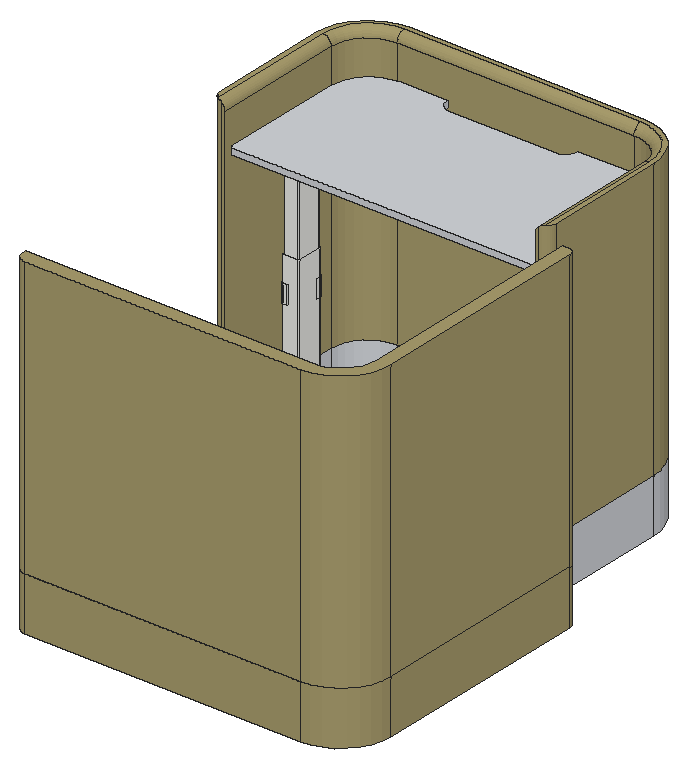
Revit family "NaughtOne_PullmanDeskNOPUL", category Furniture, Revit 2023
Family settings
  OmniClass Number = 23.40.20.00
  OmniClass Title = General Furniture and Specialties
  Work Plane-Based = No
  Enable Cutting in Views = No
  Always vertical = Yes
  Cut with Voids When Loaded = No
  Render Appearance Source = Family Geometry
  Shared = Yes
  Room Calculation Point = No
Parameters (values of type "Desk 30d 59w 29d 57w surf size electric std range single fabric")
  Width = 47.000"
  Watermarked By = "http://revitwatermark.com"
  URL = "www.naughtone.com"
  Type IFC Predefined Type = "BOOTH"
  Type = 2
  TableMaterial [instance] = NAU_Naughtone_MFMDF_White
  Table Top 2 = yes
  Table Top 1 = no
  Switch R = no
  Switch L = no
  SeatMaterial [instance] = NAU_Maharam_Fabric_Teatro_007Yellow
  Product Documentation Link = "http://www.naughtone.com/portfolio-view/Pullman"
  Pod R2 = no
  Pod R1 = yes
  Pod L2 = no
  Pod L1 = no
  Package Qty = 1
  Model = "NOPHTD00LE1"
  ManufacturerName = "Naughtone"  # constant formula
  ManufacturerAddress = "Knaresborough Tech Park, Manse Lane, Knaresborough, HG5 8LF"  # constant formula
  Manufacturer = ""
  List Price [instance] = "0.00"
  LegMaterial [instance] = NAU_Naughtone_Metal_Steel_White
  Keynote = "Pr_40_50_12"
  HasWhiteboard [instance] = no
  FM Label = ""
  Export Type to IFC As = "IfcFurnishingElementType"
  Description = "Pullman Ht Adj Desk desk 30d 59w 29d 57w surf size electric std range single fabric"
  Depth = 25.500"
  Default Elevation = 0.000"
  Copyright © = "Copyright © Herman Miller, Inc."  # constant formula
  ContactTelephoneNumber = "+44 (0)1423 816500"
  ContactEmailAddress = "sales@naughtone.com"
  Catalog Code [instance] = "NG1"
  Catalog = "naughtone"  # constant formula
  BoothMaterial [instance] = NAU_Maharam_Fabric_Teatro_007Yellow
  Base Price [instance] = "22190"
  Author = "BIMBox"  # constant formula
  Assembly Code = "E2020200"
  Actual Width = Width + 4.237"  # 51.237"
  Actual Depth = Depth + 1.899"  # 27.399"
Reference planes (in)
  plane 1 "Back": y = 0
  plane 2: z = 0
  plane 3 "Center (Left/Right)": x = 0
  plane 4: y = -13.6995
  plane 5: y = 13.6995
  plane 6: z = 44.92031
  plane 7: z = 8.49459
  plane 8: z = 43.93605
  plane 9: z = 51.04004
  plane 10 "Center L/S": x = 25.6185
  plane 11 "Center L/U": x = -25.6185
  plane 12: x = -21.84611
  plane 13: x = 21.84611
  plane 14: z = 25.93332
  plane 15: z = 19.93332
  plane 16 "Center L/V": x = -16
  plane 17 "Center L/W": x = 16
  plane 18 "Center L/X": y = 12.75
  plane 19 "Center L/Y": y = -12.75
  plane 20: y = -59.17055
  plane 21: x = -19.51306
  plane 22: x = 19.51306
  plane 23: x = -18.09375
  plane 24: y = -10.4462
  plane 25: x = 18.09375
Forms (in)
  Extrusion 1, solid
    sketch origin (0, 0, 0) x (1, 0, 0) y (0, 1, 0)
      loop
        arc (-17.81849, 13.6995) -> (-23.33393, 11.41493) -> (-25.61849, 5.8995) r 7.8
        line (-25.61849, 5.8995) -> (-25.61849, -12.52208)
        arc (-25.61849, -12.52208) -> (-25.17916, -13.58272) -> (-24.11852, -14.02205) r 1.49998
        line (-24.11852, -14.02205) -> (-23.61849, -14.02205) -> (-23.61849, 6.0995)
        arc (-23.61849, 6.0995) -> (-21.97829, 10.0593) -> (-18.01849, 11.6995) r 5.6
        line (-18.01849, 11.6995) -> (18.0185, 11.6995)
        arc (18.0185, 11.6995) -> (21.9783, 10.0593) -> (23.6185, 6.0995) r 5.6
        line (23.6185, 6.0995) -> (23.6185, -14.02206) -> (24.11852, -14.02206)
        arc (24.11852, -14.02206) -> (25.17917, -13.58272) -> (25.6185, -12.52208) r 1.49998
        line (25.6185, -12.52208) -> (25.6185, 5.8995)
        arc (25.6185, 5.8995) -> (23.33393, 11.41493) -> (17.8185, 13.6995) r 7.8
        line (17.8185, 13.6995) -> (-17.81849, 13.6995)
    from 0.35316 to 8.49459
  Extrusion 2, solid, material "NAU_Maharam_Fabric_Teatro_007Yellow" <- "BoothMaterial"
    sketch origin (0, 0, 12) x (1, 0, 0) y (0, 1, 0)
      loop
        arc (-17.8185, 13.6995) -> (-23.33393, 11.41493) -> (-25.6185, 5.8995) r 7.8
        line (-25.6185, 5.8995) -> (-25.6185, -12.52205)
        arc (-25.6185, -12.52205) -> (-25.17916, -13.58271) -> (-24.1185, -14.02205) r 1.5
        line (-24.1185, -14.02205) -> (-23.6185, -14.02205) -> (-23.6185, 6.0995)
        arc (-23.6185, 6.0995) -> (-21.9783, 10.0593) -> (-18.0185, 11.6995) r 5.6
        line (-18.0185, 11.6995) -> (18.0185, 11.6995)
        arc (18.0185, 11.6995) -> (21.9783, 10.0593) -> (23.6185, 6.0995) r 5.6
        line (23.6185, 6.0995) -> (23.6185, -14.02205) -> (24.1185, -14.02205)
        arc (24.1185, -14.02205) -> (25.17916, -13.58271) -> (25.6185, -12.52205) r 1.5
        line (25.6185, -12.52205) -> (25.6185, 5.8995)
        arc (25.6185, 5.8995) -> (23.33393, 11.41493) -> (17.8185, 13.6995) r 7.8
        line (17.8185, 13.6995) -> (-17.8185, 13.6995)
    from -3.50541 to 39.04004
  Sweep 3, void
    path in 3D
      loop
        line (-23.6185, -14.02205, 51.04004) -> (-23.6185, 6.0995, 51.04004)
        arc (-23.6185, 6.0995, 51.04004) -> (-21.9783, 10.0593, 51.04004) -> (-18.0185, 11.6995, 51.04004) r 5.6
        line (-18.0185, 11.6995, 51.04004) -> (18.0185, 11.6995, 51.04004)
        arc (18.0185, 11.6995, 51.04004) -> (21.9783, 10.0593, 51.04004) -> (23.6185, 6.0995, 51.04004) r 5.6
        line (23.6185, 6.0995, 51.04004) -> (23.6185, -14.02205, 51.04004)
    profile origin (-23.6185, -3.96128, 51.04004) x (-1, 0, 0) y (0, 0, 1)
      loop
        line (1.25, 0) -> (0, 0) -> (0, -1.34899)
        arc (0, -1.34899) -> (0.3706, -0.43877) -> (1.25, 0) r 1.39242
Cuts and joins
  Sweep 3 cuts Extrusion 2
Lines and regions (in)
  sketch lines
    curve 1: line (-23.6185, -14.02205, 51.04004) -> (-23.6185, 6.0995, 51.04004)
    curve 2: arc (-18.0185, 11.6995, 51.04004) -> (-21.9783, 10.0593, 51.04004) -> (-23.6185, 6.0995, 51.04004) r 5.6
    curve 3: line (-18.0185, 11.6995, 51.04004) -> (18.0185, 11.6995, 51.04004)
    curve 4: arc (23.6185, 6.0995, 51.04004) -> (21.9783, 10.0593, 51.04004) -> (18.0185, 11.6995, 51.04004) r 5.6
    curve 5: line (23.6185, 6.0995, 51.04004) -> (23.6185, -14.02205, 51.04004)
Dimensions and locks (in)
  equal spacing: plane 5, plane 1 "Back", plane 4
  equal spacing: plane 11 "Center L/U", plane 3 "Center (Left/Right)", plane 10 "Center L/S"
  "Actual Width": plane 11 "Center L/U" to plane 10 "Center L/S"
  "Actual Depth": plane 5 to plane 4
  equal spacing: plane 19 "Center L/Y", plane 1 "Back", plane 18 "Center L/X"
  "Depth": plane 19 "Center L/Y" to plane 18 "Center L/X"
  plane 16 "Center L/V" to plane 17 "Center L/W" = 32.000"
  equal spacing: plane 16 "Center L/V", plane 3 "Center (Left/Right)", plane 17 "Center L/W"
  locked: Extrusion 1 sketch curve to Extrusion 1 sketch curve at 2  (x3)
  locked: Extrusion 1 sketch curve to plane 4 at 0.32255
  locked: Extrusion 1 sketch curve to plane 4 at 0.32256
  locked: Extrusion 2 sketch curve to Extrusion 2 sketch curve at 2  (x3)
  plane 4 to nested 1 = 11.96442"
  locked: plane 13 to plane 10 "Center L/S" at 3.77239
  locked: plane 11 "Center L/U" to plane 12 at 3.77239
  locked: plane 2 to Extrusion 1 at 0.35316
  nested 9 to plane 4 = 0.14104"
  locked: plane 11 "Center L/U" to plane 23 at 7.52475
  locked: plane 24 to plane 4 at 3.25325
  locked: plane 25 to plane 10 "Center L/S" at 7.52475
  locked: plane 4 to cut or joined group of Extrusion 2, Sweep 3 at 0.32256
  locked: plane 4 to cut or joined group of Extrusion 2, Sweep 3 at 0.32255
  radius of Extrusion 1 sketch curve = 5.600"  (x2)
  radius of Extrusion 2 sketch curve = 5.600"  (x2)
  aligned and locked: level to plane 2
  aligned and locked: plane 13 to nested 1
  aligned and locked: Extrusion 1 sketch curve to plane 5
  aligned and locked: Extrusion 1 sketch curve to plane 10 "Center L/S"
  aligned and locked: Extrusion 1 to plane 7
  aligned and locked: plane 7 to Extrusion 2
  aligned and locked: plane 9 to Extrusion 2
  aligned and locked: plane 11 "Center L/U" to Extrusion 2 sketch curve
  aligned and locked: Extrusion 2 sketch curve to plane 5
  aligned and locked: Extrusion 2 sketch curve to plane 10 "Center L/S"
  aligned and locked: nested 2 to plane 12
  aligned and locked: plane 1 "Back" to nested 3
  aligned and locked: nested 3 to plane 3 "Center (Left/Right)"
  aligned and locked: plane 1 "Back" to nested 4
  aligned and locked: nested 4 to plane 3 "Center (Left/Right)"
  aligned and locked: plane 3 "Center (Left/Right)" to nested 5
  aligned and locked: plane 1 "Back" to nested 5
  aligned and locked: plane 3 "Center (Left/Right)" to nested 6
  aligned and locked: plane 1 "Back" to nested 6
  aligned and locked: plane 3 "Center (Left/Right)" to nested 7
  aligned and locked: plane 1 "Back" to nested 7
  aligned and locked: plane 23 to nested 9
  aligned and locked: nested 9 to plane 24
  aligned and locked: nested 10 to plane 25
  aligned and locked: nested 10 to plane 24
  aligned and locked: plane 1 "Back" to nested 8
  aligned and locked: plane 10 "Center L/S" to nested 8
  aligned and locked: plane 3 "Center (Left/Right)" to nested 11
  aligned and locked: plane 1 "Back" to nested 11
Automatic sketch dimensions
  plane 25 to Extrusion 1 sketch curve = 0.27525"
  plane 23 to Extrusion 1 sketch curve = 0.27525"
  plane 23 to Extrusion 1 sketch curve = 0.07525"
  Extrusion 1 sketch curve to plane 19 "Center L/Y" = 0.22792"
  Extrusion 1 sketch curve to Extrusion 1 sketch curve = 0.50002"
  Extrusion 2 sketch curve to Extrusion 2 sketch curve = 0.500"  (x2)
  plane 23 to Extrusion 2 sketch curve = 0.27525"
  plane 25 to Extrusion 2 sketch curve = 0.27525"
  Extrusion 2 sketch curve to plane 19 "Center L/Y" = 0.22795"  (x2)
  Sweep 3 sketch curve to profile plane = 0.000"  (x2)
  Sweep 3 sketch curve to Sweep 3 sketch curve = 1.250"
  Sweep 3 sketch curve to profile plane = 1.38517"
  Sweep 3 sketch curve to profile plane = 1.39195"
Nested families (in)
  nested 1: "support" at (21.84611, -1.73508, 0.00146), LegMaterial <- "LegMaterial", type "2 seat booth"
    with WarrantyStartDate "1900-12-31T23:59:59", TagNumber "n/a", TableMaterial NAU_Naughtone_MFMDF_White, SerialNumber "n/a", SeatingHeight 17.71654", SeatMaterial NAU_Maharam_Fabric_Teatro_007Yellow, LowestSeatingHeight 17.71654", List Price "0.00", LegMaterial NAU_Naughtone_Metal_Steel_White, InstallationDate "1900-12-31T23:59:59", HighestSeatingHeight 17.71654", HasWhiteboard no, Catalog Code "NG1", BoothMaterial NAU_Maharam_Fabric_Teatro_007Yellow, Base Price "22190", BarCode "n/a", AssetIdentifier "n/a"
  nested 2: "support" at (-21.84611, -1.73508, 0.00146) x (-1, 0, 0) z (0, 0, 1), LegMaterial <- "LegMaterial", type "2 seat booth"
    with WarrantyStartDate "1900-12-31T23:59:59", TagNumber "n/a", TableMaterial NAU_Naughtone_MFMDF_White, SerialNumber "n/a", SeatingHeight 17.71654", SeatMaterial NAU_Maharam_Fabric_Teatro_007Yellow, LowestSeatingHeight 17.71654", List Price "0.00", LegMaterial NAU_Naughtone_Metal_Steel_White, InstallationDate "1900-12-31T23:59:59", HighestSeatingHeight 17.71654", HasWhiteboard no, Catalog Code "NG1", BoothMaterial NAU_Maharam_Fabric_Teatro_007Yellow, Base Price "22190", BarCode "n/a", AssetIdentifier "n/a"
  nested 3: "Pod L" at (0, 0, 0), visible <- "Pod L1", BoothMaterial <- "BoothMaterial", type "2 seat booth"
    with TableMaterial NAU_Naughtone_MFMDF_White, SeatMaterial NAU_Maharam_Fabric_Teatro_007Yellow, List Price "0.00", LegMaterial NAU_Naughtone_Metal_Steel_White, HasWhiteboard no, Catalog Code "NG1", BoothMaterial NAU_Maharam_Fabric_Teatro_007Yellow, Base Price "22190"
  nested 4: "Pod R" at (0, 0, 0), visible <- "Pod R1", BoothMaterial <- "BoothMaterial", type "2 seat booth"
    with TableMaterial NAU_Naughtone_MFMDF_White, SeatMaterial NAU_Maharam_Fabric_Teatro_007Yellow, List Price "0.00", LegMaterial NAU_Naughtone_Metal_Steel_White, HasWhiteboard no, Catalog Code "NG1", BoothMaterial NAU_Maharam_Fabric_Teatro_007Yellow, Base Price "22190"
  nested 5: "Table top  small" at (0, 0, 0), visible <- "Table Top 2", TableMaterial <- "TableMaterial", type "2 seat booth"
    with WarrantyStartDate "1900-12-31T23:59:59", TagNumber "n/a", TableMaterial NAU_Naughtone_MFMDF_White, SerialNumber "n/a", SeatMaterial NAU_Maharam_Fabric_Teatro_007Yellow, LowestSeatingHeight 17.71654", List Price "0.00", LegMaterial NAU_Naughtone_Metal_Steel_White, InstallationDate "1900-12-31T23:59:59", HasWhiteboard no, Catalog Code "NG1", BoothMaterial NAU_Maharam_Fabric_Teatro_007Yellow, Base Price "22190", BarCode "n/a", AssetIdentifier "n/a"
  nested 6: "Table top" at (0, 0, 0), visible <- "Table Top 1", TableMaterial <- "TableMaterial", type "2 seat booth"
    with WarrantyStartDate "1900-12-31T23:59:59", TagNumber "n/a", TableMaterial NAU_Naughtone_MFMDF_White, SerialNumber "n/a", SeatMaterial NAU_Maharam_Fabric_Teatro_007Yellow, List Price "0.00", LegMaterial NAU_Naughtone_Metal_Steel_White, InstallationDate "1900-12-31T23:59:59", HasWhiteboard no, Catalog Code "NG1", BoothMaterial NAU_Maharam_Fabric_Teatro_007Yellow, Base Price "22190", BarCode "n/a", AssetIdentifier "n/a"
  nested 7: "Pod SL" at (0, 0, 0), visible <- "Pod L2", BoothMaterial <- "BoothMaterial", type "2 seat booth"
    with TableMaterial NAU_Naughtone_MFMDF_White, SeatMaterial NAU_Maharam_Fabric_Teatro_007Yellow, List Price "0.00", LegMaterial NAU_Naughtone_Metal_Steel_White, HasWhiteboard no, Catalog Code "NG1", BoothMaterial NAU_Maharam_Fabric_Teatro_007Yellow, Base Price "22190"
  nested 8: "Pod SR" at (-0.07561, 0, 0), visible <- "Pod R2", BoothMaterial <- "BoothMaterial", type "2 seat booth"
    with TableMaterial NAU_Naughtone_MFMDF_White, SeatMaterial NAU_Maharam_Fabric_Teatro_007Yellow, List Price "0.00", LegMaterial NAU_Naughtone_Metal_Steel_White, HasWhiteboard no, Catalog Code "NG1", BoothMaterial NAU_Maharam_Fabric_Teatro_007Yellow, Base Price "22190"
  nested 9: "Switch L" at (-18.09375, -10.4462, 0), visible <- "Switch L", TableMaterial <- "TableMaterial", type "2 seat booth"
    with TableMaterial NAU_Naughtone_MFMDF_White, SeatMaterial NAU_Maharam_Fabric_Teatro_007Yellow, List Price "0.00", LegMaterial NAU_Naughtone_Metal_Steel_White, HasWhiteboard no, Catalog Code "NG1", BoothMaterial NAU_Maharam_Fabric_Teatro_007Yellow, Base Price "22190"
  nested 10: "Switch R" at (18.09375, -10.4462, 0), visible <- "Switch R", TableMaterial <- "TableMaterial", type "2 seat booth"
    with WarrantyStartDate "1900-12-31T23:59:59", TableMaterial NAU_Naughtone_MFMDF_White, SeatMaterial NAU_Maharam_Fabric_Teatro_007Yellow, List Price "0.00", LegMaterial NAU_Naughtone_Metal_Steel_White, HasWhiteboard no, Catalog Code "NG1", BoothMaterial NAU_Maharam_Fabric_Teatro_007Yellow, Base Price "22190"
  nested 11: "NaughtOne_PullmanDeskNOPUL_2D" at (678, 0, 0), Type <- "Type", type "Desk 30d 59w 29d 57w surf size electric std range single fabric"
    with Type 2, TableMaterial NAU_Naughtone_MFMDF_White, SeatMaterial NAU_Maharam_Fabric_Teatro_007Yellow, List Price "0.00", LegMaterial NAU_Naughtone_Metal_Steel_White, HasWhiteboard no, DPRSE no, DPRLE1 no, DPLSE1 no, DPLLE1 no, D00SE1 yes, D00LE1 no, Catalog Code "NG1", BoothMaterial NAU_Maharam_Fabric_Teatro_007Yellow, Base Price "22190"
Definition of nested family "support"
  Parameters (values of type "2 seat booth")
    WorksurfaceArea = 0.00 m²
    Watermarked By = "http://revitwatermark.com"
    WarrantyStartDate [instance] = "1900-12-31T23:59:59"
    WarrantyGuarantorParts = "sales@naughtone.com"
    WarrantyGuarantorLabor = "sales@naughtone.com"
    WarrantyDurationUnit = "year"
    WarrantyDurationParts = "5"
    WarrantyDurationLabor = "5"
    WarrantyDescription = "Request warranty information from naughtone"
    Version = "1"
    Uniclass2015Version = "Products v1.13"
    Uniclass2015Title = "Chairs, seats and benches"
    Uniclass2015Code = "Pr_40_50_12"
    Uniclass2 = "n/a"
    URL = "www.naughtone.com"
    Type IFC Predefined Type = "BOOTH"
    TagNumber [instance] = "n/a"
    TableOffset = if(NominalLength = 74.80315", 15.74803", 7.87402")  # 7.87402"
    TableMaterial [instance] = none
    SustainabilityPerformance = "FSC certifeied, SCS indoor advantage gold"
    Style = "n/a"
    Size = "1950 x 1300 x 1300mm"
    Shape = "Rectangular"
    SerialNumber [instance] = "n/a"
    SeatingHeight [instance] = 17.71654"
    SeatMaterial [instance] = none
    Revision = "n/a"
    ReplacementCost = "n/a"
    ProductInformation = "www.naughtone.com/products/pullman/"
    Product Documentation Link = "http://www.naughtone.com/portfolio-view/Pullman"
    Package Qty = 1
    NumberOfChairs = 4
    NominalWidth = 76.77165"
    NominalLength = 51.1811"
    NominalHeight = 51.1811"
    Name = "Seating_Pullman_Naughtone"
    NBSTypeID = "n/a"
    NBSReference = "45-35-72/352"
    NBSOfficeMasterTag = "n/a"
    NBSDescription = "Seating"
    ModelReference = "Pullman 2 Seat Booth"
    ModelNumber = "PULB2H"
    Model = "NOPUL2"
    Material = "Fabric, plywood frame, foam, steel/wooden legs, wooden table top"
    ManufacturerURL = "www.naughtone.com"
    ManufacturerName = "Naughtone"  # constant formula
    ManufacturerAddress = "Knaresborough Tech Park, Manse Lane, Knaresborough, HG5 8LF"  # constant formula
    Manufacturer = ""
    MainColor = Color  # "Various"
    LowestSeatingHeight [instance] = 17.71654"
    List Price [instance] = "0.00"
    LegMaterial [instance] = none
    Leg = yes
    Keynote = "Pr_40_50_12"
    InstallationDate [instance] = "1900-12-31T23:59:59"
    IfcExportType = "BOOTH"
    IfcExportAs = "IfcFurnishingElementType"
    HighestSeatingHeight [instance] = 17.71654"
    Height = 44.92031"
    HasWhiteboard [instance] = no
    Grade = "n/a"
    Finish = "Fabric upholstery, oak/walnut wooden legs or black/white steel legs, wooden table top with oak/walnut veneer, white/black laminate, or lino top"
    Features = "n/a"
    FM Label = ""
    Export Type to IFC As = "IfcFurnishingElementType"
    ExpectedLife = "n/a"
    DurationUnit = "year"
    Description = "Pullman Booth 2 seat booth"
    Default Elevation = 0.000"
    CushionOffset = if(NominalLength = 74.80315", 27.55906", 0.3937")  # 0.3937"
    Copyright © = "Copyright © Herman Miller, Inc."  # constant formula
    ContactTelephoneNumber = "+44 (0)1423 816500"
    ContactEmailAddress = "sales@naughtone.com"
    Constituents = "n/a"
    Color = "Various"
    CodePerformance = "n/a"
    Category = "Pr_40_50_12 : Chairs, seats and benches"
    Catalog Code [instance] = "NG1"
    Catalog = "naughtone"  # constant formula
    BoothMaterial [instance] = none
    Base Price [instance] = "22190"
    BarCode [instance] = "n/a"
    BIMObjectName = "NAU_Naughtone_Seating_Pullman"
    Author = "BIMBox"  # constant formula
    AssetType = "Movable"
    AssetIdentifier [instance] = "n/a"
    Assembly Code = "E2020200"
    AccessibilityPerformance = "Table Top"
  Reference planes (in)
    plane 1 "Back": y = 0
    plane 2: z = 0
    plane 3 "Center (Left/Right)": x = 0
    plane 4: z = 44.92031
    plane 5: z = 8.49459
    plane 6: z = 43.93605
    plane 7: z = 51.04004
    plane 8: z = 25.93332
    plane 9: z = 19.93332
  Forms (in)
    Extrusion 1, solid, material <- "LegMaterial", visible <- "Leg"
      sketch origin (-27.83233, 1.73535, 0) x (1, 0, 0) y (0, 1, 0)
        loop
          line (26.46746, -0.46896) -> (26.58063, -0.46896) -> (26.58063, 0.1923)
          arc (26.58063, 0.1923) -> (26.61757, 0.2815) -> (26.70677, 0.31844) r 0.12614
          line (26.70677, 0.31844) -> (29.25846, 0.31844)
          arc (29.25846, 0.31844) -> (29.42546, 0.38762) -> (29.49464, 0.55462) r 0.23617
          line (29.49464, 0.55462) -> (29.49464, 1.89325) -> (29.38043, 1.89325) -> (29.38043, 0.56227)
          arc (29.38043, 0.56227) -> (29.34304, 0.47198) -> (29.25275, 0.43458) r 0.12768
          line (29.25275, 0.43458) -> (26.69773, 0.43458)
          arc (26.69773, 0.43458) -> (26.53491, 0.36714) -> (26.46746, 0.20431) r 0.23027
          line (26.46746, 0.20431) -> (26.46746, -0.46896)
        loop
          line (29.22277, -3.65924) -> (29.22277, 0.0925)
          arc (29.22277, 0.0925) -> (29.25476, 0.16974) -> (29.332, 0.20173) r 0.10923
          line (29.332, 0.20173) -> (29.38072, 0.20173)
          arc (29.38072, 0.20173) -> (29.54747, 0.2708) -> (29.61654, 0.43755) r 0.23582
          line (29.61654, 0.43755) -> (29.49758, 0.43755)
          arc (29.49758, 0.43755) -> (29.46061, 0.3483) -> (29.37136, 0.31133) r 0.12622
          line (29.37136, 0.31133) -> (29.31263, 0.31133)
          arc (29.31263, 0.31133) -> (29.16454, 0.24999) -> (29.1032, 0.1019) r 0.20943
          line (29.1032, 0.1019) -> (29.1032, -3.66584)
          arc (29.1032, -3.66584) -> (29.07088, -3.74386) -> (28.99285, -3.77618) r 0.11034
          line (28.99285, -3.77618) -> (28.31993, -3.77618) -> (28.31993, -3.89468) -> (28.98733, -3.89468)
          arc (28.98733, -3.89468) -> (29.15381, -3.82572) -> (29.22277, -3.65924) r 0.23543
      from 3.15016 to 5.90606
    Extrusion 2, solid, material <- "LegMaterial", visible <- "Leg"
      sketch origin (1.54811, 3.41441, 0) x (0, 1, 0) y (0, 0, -1)
        loop
          arc (0.1383, -6.85063) -> (0.21712, -6.81798) -> (0.24976, -6.73917) r 0.11146
          line (0.24976, -6.73917) -> (0.24976, -2.31226)
          arc (0.24976, -2.31226) -> (0.21867, -2.23719) -> (0.14361, -2.2061) r 0.10616
          line (0.14361, -2.2061) -> (-1.12453, -2.2061)
          arc (-1.12453, -2.2061) -> (-1.20789, -2.24063) -> (-1.24242, -2.32399) r 0.11789
          line (-1.24242, -2.32399) -> (-1.24242, -6.73212)
          arc (-1.24242, -6.73212) -> (-1.20771, -6.81592) -> (-1.12391, -6.85063) r 0.11851
          line (-1.12391, -6.85063) -> (0.1383, -6.85063)
        loop
          circle (-0.76888, -6.37822) r 0.12915
        loop
          circle (-0.21884, -2.67741) r 0.12901
      from -0.23859 to -0.11811
    Extrusion 3, solid, material <- "LegMaterial", visible <- "Leg"
      sketch origin (-27.83233, 1.73535, 16.14062) x (1, 0, 0) y (0, 1, 0)
        loop
          line (26.46746, -0.46896) -> (26.58063, -0.46896) -> (26.58063, 0.1923)
          arc (26.58063, 0.1923) -> (26.61757, 0.2815) -> (26.70677, 0.31844) r 0.12614
          line (26.70677, 0.31844) -> (29.25846, 0.31844)
          arc (29.25846, 0.31844) -> (29.42546, 0.38762) -> (29.49464, 0.55462) r 0.23617
          line (29.49464, 0.55462) -> (29.49464, 1.89325) -> (29.38043, 1.89325) -> (29.38043, 0.56227)
          arc (29.38043, 0.56227) -> (29.34304, 0.47198) -> (29.25275, 0.43458) r 0.12768
          line (29.25275, 0.43458) -> (26.69773, 0.43458)
          arc (26.69773, 0.43458) -> (26.53491, 0.36714) -> (26.46746, 0.20431) r 0.23027
          line (26.46746, 0.20431) -> (26.46746, -0.46896)
        loop
          line (29.22277, -3.65924) -> (29.22277, 0.0925)
          arc (29.22277, 0.0925) -> (29.25476, 0.16974) -> (29.332, 0.20173) r 0.10923
          line (29.332, 0.20173) -> (29.38072, 0.20173)
          arc (29.38072, 0.20173) -> (29.54747, 0.2708) -> (29.61654, 0.43755) r 0.23582
          line (29.61654, 0.43755) -> (29.49758, 0.43755)
          arc (29.49758, 0.43755) -> (29.46061, 0.3483) -> (29.37136, 0.31133) r 0.12622
          line (29.37136, 0.31133) -> (29.31263, 0.31133)
          arc (29.31263, 0.31133) -> (29.16454, 0.24999) -> (29.1032, 0.1019) r 0.20943
          line (29.1032, 0.1019) -> (29.1032, -3.66584)
          arc (29.1032, -3.66584) -> (29.07088, -3.74386) -> (28.99285, -3.77618) r 0.11034
          line (28.99285, -3.77618) -> (28.31993, -3.77618) -> (28.31993, -3.89468) -> (28.98733, -3.89468)
          arc (28.98733, -3.89468) -> (29.15381, -3.82572) -> (29.22277, -3.65924) r 0.23543
      from 3.15016 to 5.90606
    Extrusion 4, solid, material <- "LegMaterial", visible <- "Leg"
      sketch origin (1.54811, 3.41441, 16.14062) x (0, 1, 0) y (0, 0, -1)
        loop
          arc (0.1383, -6.85063) -> (0.21712, -6.81798) -> (0.24976, -6.73917) r 0.11146
          line (0.24976, -6.73917) -> (0.24976, -2.31226)
          arc (0.24976, -2.31226) -> (0.21867, -2.23719) -> (0.14361, -2.2061) r 0.10616
          line (0.14361, -2.2061) -> (-1.12453, -2.2061)
          arc (-1.12453, -2.2061) -> (-1.20789, -2.24063) -> (-1.24242, -2.32399) r 0.11789
          line (-1.24242, -2.32399) -> (-1.24242, -6.73212)
          arc (-1.24242, -6.73212) -> (-1.20771, -6.81592) -> (-1.12391, -6.85063) r 0.11851
          line (-1.12391, -6.85063) -> (0.1383, -6.85063)
        loop
          circle (-0.76888, -6.37822) r 0.12915
        loop
          circle (-0.21884, -2.67741) r 0.12901
      from -0.23859 to -0.11811
    Revolve 5, solid, material <- "LegMaterial", visible <- "Leg"
      sketch origin (0, 1.81757, 5.90606) x (0, 0, 1) y (0, 1, 0)
        loop
          line (-3.76725, -3.48062) -> (-3.76725, -3.31328) -> (-5.90605, -3.31328) -> (-5.90605, -4.13271)
          arc (-5.90605, -4.13271) -> (-5.88697, -4.17877) -> (-5.84091, -4.19785) r 0.06515
          line (-5.84091, -4.19785) -> (-5.73593, -4.19785)
          arc (-5.73593, -4.19785) -> (-5.68884, -4.18109) -> (-5.66293, -4.13834) r 0.07453
          line (-5.66293, -4.13834) -> (-5.55437, -3.61051) -> (-5.55096, -3.56176)
          arc (-5.55096, -3.56176) -> (-5.53883, -3.59602) -> (-5.5055, -3.61051) r 0.04557
          line (-5.5055, -3.61051) -> (-4.4175, -3.61051)
          arc (-4.4175, -3.61051) -> (-4.40313, -3.60456) -> (-4.39718, -3.59019) r 0.02032
          line (-4.39718, -3.59019) -> (-4.39718, -3.52994)
          arc (-4.39718, -3.52994) -> (-4.39141, -3.51601) -> (-4.37749, -3.51025) r 0.01969
          line (-4.37749, -3.51025) -> (-3.79688, -3.51025) -> (-3.76725, -3.48062)
        axis (-3.76725, -3.31328) -> (-5.90605, -3.31328)
      angle from 0 to 360
    Revolve 6, solid, material <- "LegMaterial", visible <- "Leg"
      sketch origin (0.00391, 4.80911, 5.90606) x (0, 0, 1) y (0, 1, 0)
        loop
          line (-3.76725, -3.48062) -> (-3.76725, -3.31328) -> (-5.90605, -3.31328) -> (-5.90605, -4.13271)
          arc (-5.90605, -4.13271) -> (-5.88697, -4.17877) -> (-5.84091, -4.19785) r 0.06515
          line (-5.84091, -4.19785) -> (-5.73593, -4.19785)
          arc (-5.73593, -4.19785) -> (-5.68884, -4.18109) -> (-5.66293, -4.13834) r 0.07453
          line (-5.66293, -4.13834) -> (-5.55437, -3.61051) -> (-5.55096, -3.56176)
          arc (-5.55096, -3.56176) -> (-5.53883, -3.59602) -> (-5.5055, -3.61051) r 0.04557
          line (-5.5055, -3.61051) -> (-4.4175, -3.61051)
          arc (-4.4175, -3.61051) -> (-4.40313, -3.60456) -> (-4.39718, -3.59019) r 0.02032
          line (-4.39718, -3.59019) -> (-4.39718, -3.52994)
          arc (-4.39718, -3.52994) -> (-4.39141, -3.51601) -> (-4.37749, -3.51025) r 0.01969
          line (-4.37749, -3.51025) -> (-3.79688, -3.51025) -> (-3.76725, -3.48062)
        axis (-3.76725, -3.31328) -> (-5.90605, -3.31328)
      angle from 0 to 360
    Extrusion 7, solid, material <- "LegMaterial", visible <- "Leg"
      sketch origin (1.76774, 2.08496, 22.0478) x (0, 1, 0) y (-1, 0, 0)
        loop
          line (-3.98694, 2.76448) -> (-3.98694, 2.62449) -> (-3.89041, 2.62449)
          arc (-3.89041, 2.62449) -> (-3.7845, 2.58062) -> (-3.74063, 2.47471) r 0.14978
          line (-3.74063, 2.47471) -> (-3.74063, 2.39484)
          arc (-3.74063, 2.39484) -> (-3.78321, 2.29207) -> (-3.88598, 2.2495) r 0.14535
          line (-3.88598, 2.2495) -> (-3.98694, 2.2495) -> (-3.98694, 0.76877)
          arc (-3.98694, 0.76877) -> (-3.95232, 0.68518) -> (-3.86873, 0.65056) r 0.11821
          line (-3.86873, 0.65056) -> (-0.29668, 0.65056)
          arc (-0.29668, 0.65056) -> (-0.21668, 0.6837) -> (-0.18354, 0.7637) r 0.11314
          line (-0.18354, 0.7637) -> (-0.18354, 0.90464) -> (-0.2877, 0.90464)
          arc (-0.2877, 0.90464) -> (-0.38584, 0.94529) -> (-0.42649, 1.04343) r 0.13879
          line (-0.42649, 1.04343) -> (-0.42649, 1.13493)
          arc (-0.42649, 1.13493) -> (-0.3844, 1.23654) -> (-0.28279, 1.27862) r 0.1437
          line (-0.28279, 1.27862) -> (-0.18354, 1.27862) -> (-0.18354, 2.76118)
          arc (-0.18354, 2.76118) -> (-0.21804, 2.84447) -> (-0.30134, 2.87897) r 0.11779
          line (-0.30134, 2.87897) -> (-3.87245, 2.87897)
          arc (-3.87245, 2.87897) -> (-3.95341, 2.84544) -> (-3.98694, 2.76448) r 0.11449
        loop
          arc (-2.42601, 1.9321) -> (-2.45317, 1.90209) -> (-2.49209, 1.89097) r 0.07364
          line (-2.49209, 1.89097) -> (-2.53194, 1.89097)
          arc (-2.53194, 1.89097) -> (-2.6036, 1.86128) -> (-2.63329, 1.78962) r 0.10135
          line (-2.63329, 1.78962) -> (-2.63329, 1.74672)
          arc (-2.63329, 1.74672) -> (-2.60174, 1.67056) -> (-2.52558, 1.63901) r 0.1077
          line (-2.52558, 1.63901) -> (-2.47158, 1.63901)
          arc (-2.47158, 1.63901) -> (-2.44933, 1.63233) -> (-2.43445, 1.6145) r 0.04039
          arc (-2.43445, 1.6145) -> (-2.0832, 1.38352) -> (-1.73353, 1.61688) r 0.38059
          arc (-1.73353, 1.61688) -> (-1.71545, 1.63876) -> (-1.68829, 1.64697) r 0.04907
          line (-1.68829, 1.64697) -> (-1.61578, 1.64697)
          arc (-1.61578, 1.64697) -> (-1.55861, 1.67064) -> (-1.53494, 1.72781) r 0.08084
          line (-1.53494, 1.72781) -> (-1.53494, 1.78526)
          arc (-1.53494, 1.78526) -> (-1.5659, 1.86001) -> (-1.64064, 1.89097) r 0.1057
          line (-1.64064, 1.89097) -> (-1.6974, 1.89097)
          arc (-1.6974, 1.89097) -> (-1.72017, 1.89776) -> (-1.73549, 1.91594) r 0.04154
          arc (-1.73549, 1.91594) -> (-2.07559, 2.1446) -> (-2.42601, 1.9321) r 0.38059
      from -20.21411 to -19.95053
    Extrusion 8, solid, material <- "LegMaterial", visible <- "Leg"
      sketch origin (27.84007, 1.73388, 0) x (-1, 0, 0) y (0, -1, 0)
        loop
          line (26.69818, -0.30097) -> (28.97442, -0.30097)
          arc (28.97442, -0.30097) -> (29.0522, -0.26875) -> (29.08442, -0.19097) r 0.11
          line (29.08442, -0.19097) -> (29.08442, 3.66065)
          arc (29.08442, 3.66065) -> (29.0522, 3.73843) -> (28.97442, 3.77065) r 0.11
          line (28.97442, 3.77065) -> (26.69818, 3.77065)
          arc (26.69818, 3.77065) -> (26.6204, 3.73843) -> (26.58818, 3.66065) r 0.11
          line (26.58818, 3.66065) -> (26.58818, -0.19097)
          arc (26.58818, -0.19097) -> (26.6204, -0.26875) -> (26.69818, -0.30097) r 0.11
      from 0.35169 to 25.93332
    Extrusion 9, solid, material <- "LegMaterial", visible <- "Leg"
      sketch origin (27.84007, 1.73388, 0) x (1, 0, 0) y (0, 1, 0)
        loop
          line (-28.95942, 0.06597) -> (-28.95942, -3.53565)
          arc (-28.95942, -3.53565) -> (-28.9272, -3.61343) -> (-28.84942, -3.64565) r 0.11
          line (-28.84942, -3.64565) -> (-26.82318, -3.64565)
          arc (-26.82318, -3.64565) -> (-26.7454, -3.61343) -> (-26.71318, -3.53565) r 0.11
          line (-26.71318, -3.53565) -> (-26.71318, 0.06597)
          arc (-26.71318, 0.06597) -> (-26.7454, 0.14375) -> (-26.82318, 0.17597) r 0.11
          line (-26.82318, 0.17597) -> (-28.84942, 0.17597)
          arc (-28.84942, 0.17597) -> (-28.9272, 0.14375) -> (-28.95942, 0.06597) r 0.11
      from 19.93332 to 43.93605
  Dimensions and locks (in)
    plane 9 to plane 2 = 19.93332"
    locked: plane 8 to plane 2 at 25.93332
    locked: Extrusion 9 sketch curve to Extrusion 9 sketch curve at 3.82162
    locked: Extrusion 9 sketch curve to Extrusion 9 sketch curve at 2.24624
    locked: Extrusion 8 sketch curve to Extrusion 8 sketch curve at 2.49624
    locked: Extrusion 8 sketch curve to Extrusion 8 sketch curve at 4.07162
    locked: plane 4 to plane 6 at 0.98425
    "Height": plane 4 to plane 2
    locked: Extrusion 8 to level at 0.35169
    aligned and locked: level to plane 2
    aligned and locked: Extrusion 9 to plane 9
    aligned and locked: plane 8 to Extrusion 8
  Automatic sketch dimensions
    Extrusion 1 sketch curve to plane 3 "Center (Left/Right)" = 1.36487"
    Extrusion 1 sketch curve to Extrusion 1 sketch curve = 0.11317"
    Extrusion 1 sketch curve to Extrusion 1 sketch curve = 0.1171"
    Extrusion 1 sketch curve to Extrusion 1 sketch curve = 0.00904"
    plane 3 "Center (Left/Right)" to Extrusion 1 sketch curve = 0.4876"
    Extrusion 1 sketch curve to Extrusion 1 sketch curve = 0.66741"
    Extrusion 1 sketch curve to Extrusion 1 sketch curve = 0.00552"
    plane 3 "Center (Left/Right)" to Extrusion 1 sketch curve = 1.27087"
    Extrusion 1 sketch curve to Extrusion 1 sketch curve = 0.11957"
    Extrusion 1 sketch curve to Extrusion 1 sketch curve = 0.02998"
    Extrusion 1 sketch curve to Extrusion 1 sketch curve = 0.00571"
    Extrusion 1 sketch curve to Extrusion 1 sketch curve = 0.08986"
    Extrusion 1 sketch curve to Extrusion 1 sketch curve = 0.01937"
    Extrusion 1 sketch curve to Extrusion 1 sketch curve = 0.11861"
    Extrusion 1 sketch curve to Extrusion 1 sketch curve = 0.12768"
    Extrusion 1 sketch curve to Extrusion 1 sketch curve = 0.00937"
    Extrusion 1 sketch curve to Extrusion 1 sketch curve = 0.1142"
    Extrusion 1 sketch curve to Extrusion 1 sketch curve = 0.11685"
    Extrusion 1 sketch curve to Extrusion 1 sketch curve = 0.11897"
    plane 1 "Back" to Extrusion 1 sketch curve = 2.15932"
    Extrusion 1 sketch curve to Extrusion 1 sketch curve = 0.1185"
    Extrusion 1 sketch curve to plane 1 "Back" = 1.26639"
    Extrusion 1 sketch curve to plane 1 "Back" = 1.82785"
    Extrusion 1 sketch curve to Extrusion 1 sketch curve = 0.66126"
    Extrusion 1 sketch curve to Extrusion 1 sketch curve = 0.01201"
    Extrusion 1 sketch curve to Extrusion 1 sketch curve = 1.33098"
    Extrusion 1 to Extrusion 2 sketch curve = 0.12563"
    Extrusion 1 to Extrusion 2 sketch curve = 0.00773"
    Extrusion 1 to Extrusion 2 sketch curve = 0.00712"
    Extrusion 2 sketch curve to Extrusion 1 = 0.34792"
    Extrusion 1 to Extrusion 2 sketch curve = 0.43302"
    Extrusion 1 to Extrusion 2 sketch curve = 0.07588"
    Extrusion 1 to Extrusion 2 sketch curve = 0.07058"
    Extrusion 2 sketch curve to Extrusion 1 = 0.03558"
    Extrusion 2 sketch curve to Extrusion 1 = 0.94457"
    Extrusion 2 sketch curve to Extrusion 1 = 0.47216"
    Extrusion 2 sketch curve to Extrusion 1 = 0.47275"
    Extrusion 2 sketch curve to Extrusion 1 = 0.82617"
    Extrusion 3 sketch curve to plane 3 "Center (Left/Right)" = 1.36487"
    Extrusion 3 sketch curve to Extrusion 3 sketch curve = 0.11317"
    Extrusion 3 sketch curve to Extrusion 3 sketch curve = 0.1171"
    Extrusion 3 sketch curve to Extrusion 3 sketch curve = 0.00904"
    plane 3 "Center (Left/Right)" to Extrusion 3 sketch curve = 0.4876"
    Extrusion 3 sketch curve to Extrusion 3 sketch curve = 0.66741"
    Extrusion 3 sketch curve to Extrusion 3 sketch curve = 0.00552"
    plane 3 "Center (Left/Right)" to Extrusion 3 sketch curve = 1.27087"
    Extrusion 3 sketch curve to Extrusion 3 sketch curve = 0.11957"
    Extrusion 3 sketch curve to Extrusion 3 sketch curve = 0.02998"
    Extrusion 3 sketch curve to Extrusion 3 sketch curve = 0.00571"
    Extrusion 3 sketch curve to Extrusion 3 sketch curve = 0.08986"
    Extrusion 3 sketch curve to Extrusion 3 sketch curve = 0.01937"
    Extrusion 3 sketch curve to Extrusion 3 sketch curve = 0.11861"
    Extrusion 3 sketch curve to Extrusion 3 sketch curve = 0.12768"
    Extrusion 3 sketch curve to Extrusion 3 sketch curve = 0.00937"
    Extrusion 3 sketch curve to Extrusion 3 sketch curve = 0.1142"
    Extrusion 3 sketch curve to Extrusion 3 sketch curve = 0.11685"
    Extrusion 3 sketch curve to Extrusion 3 sketch curve = 0.11897"
    plane 1 "Back" to Extrusion 3 sketch curve = 2.15932"
    Extrusion 3 sketch curve to Extrusion 3 sketch curve = 0.1185"
    Extrusion 3 sketch curve to plane 1 "Back" = 1.26639"
    Extrusion 3 sketch curve to plane 1 "Back" = 1.82785"
    Extrusion 3 sketch curve to Extrusion 3 sketch curve = 0.66126"
    Extrusion 3 sketch curve to Extrusion 3 sketch curve = 0.01201"
    Extrusion 3 sketch curve to Extrusion 3 sketch curve = 1.33098"
    Extrusion 3 to Extrusion 4 sketch curve = 0.12563"
    Extrusion 3 to Extrusion 4 sketch curve = 0.00773"
    Extrusion 3 to Extrusion 4 sketch curve = 0.00712"
    Extrusion 4 sketch curve to Extrusion 3 = 0.34792"
    Extrusion 3 to Extrusion 4 sketch curve = 0.43302"
    Extrusion 3 to Extrusion 4 sketch curve = 0.07588"
    Extrusion 3 to Extrusion 4 sketch curve = 0.07058"
    Extrusion 4 sketch curve to Extrusion 3 = 0.03558"
    Extrusion 4 sketch curve to Extrusion 3 = 0.94457"
    Extrusion 4 sketch curve to Extrusion 3 = 0.47216"
    Extrusion 4 sketch curve to Extrusion 3 = 0.47275"
    Extrusion 4 sketch curve to Extrusion 3 = 0.82617"
    level to Revolve 5 sketch curve = 0.00001"
    level to Revolve 5 sketch curve = 0.06516"
    Revolve 5 sketch curve to Revolve 5 sketch curve = 0.10498"
    Revolve 5 sketch curve to Revolve 5 sketch curve = 0.073"
    level to Revolve 5 sketch curve = 0.35169"
    Revolve 5 sketch curve to Revolve 5 sketch curve = 0.00341"
    Revolve 5 sketch curve to Revolve 5 sketch curve = 0.04887"
    Revolve 5 sketch curve to Revolve 5 sketch curve = 1.088"
    Revolve 5 sketch curve to Revolve 5 sketch curve = 0.02032"
    Revolve 5 sketch curve to Revolve 5 sketch curve = 0.01969"
    Revolve 5 sketch curve to Revolve 5 sketch curve = 0.58061"
    Revolve 5 sketch curve to Revolve 5 sketch curve = 0.02963"  (x2)
    plane 1 "Back" to Revolve 5 sketch curve = 2.38028"
    Revolve 5 sketch curve to Revolve 5 sketch curve = 0.05951"
    Revolve 5 sketch curve to Revolve 5 sketch curve = 0.52783"
    Revolve 5 sketch curve to Revolve 5 sketch curve = 0.000"  (x4)
    Revolve 5 sketch curve to Revolve 5 sketch curve = 0.04557"
    Revolve 5 sketch curve to Revolve 5 sketch curve = 0.06025"
    Revolve 5 sketch curve to Revolve 5 sketch curve = 0.24848"
    level to Revolve 6 sketch curve = 0.00001"
    level to Revolve 6 sketch curve = 0.06516"
    Revolve 6 sketch curve to Revolve 6 sketch curve = 0.10498"
    Revolve 6 sketch curve to Revolve 6 sketch curve = 0.073"
    level to Revolve 6 sketch curve = 0.35169"
    Revolve 6 sketch curve to Revolve 6 sketch curve = 0.00341"
    Revolve 6 sketch curve to Revolve 6 sketch curve = 0.04887"
    Revolve 6 sketch curve to Revolve 6 sketch curve = 1.088"
    Revolve 6 sketch curve to Revolve 6 sketch curve = 0.02032"
    Revolve 6 sketch curve to Revolve 6 sketch curve = 0.01969"
    Revolve 6 sketch curve to Revolve 6 sketch curve = 0.58061"
    Revolve 6 sketch curve to Revolve 6 sketch curve = 0.02963"  (x2)
    Revolve 6 sketch curve to plane 1 "Back" = 0.61126"
    Revolve 6 sketch curve to Revolve 6 sketch curve = 0.05951"
    Revolve 6 sketch curve to plane 1 "Back" = 1.1986"
    Revolve 6 sketch curve to Revolve 6 sketch curve = 0.000"  (x4)
    Revolve 6 sketch curve to Revolve 6 sketch curve = 0.04557"
    Revolve 6 sketch curve to Revolve 6 sketch curve = 0.06025"
    Revolve 6 sketch curve to Revolve 6 sketch curve = 0.24848"
    Extrusion 7 sketch curve to Extrusion 7 sketch curve = 0.000"  (x5)
    Extrusion 7 sketch curve to plane 3 "Center (Left/Right)" = 0.99675"
    plane 1 "Back" to Extrusion 7 sketch curve = 1.90198"
    Extrusion 7 sketch curve to Extrusion 7 sketch curve = 0.09653"
    Extrusion 7 sketch curve to Extrusion 7 sketch curve = 0.00443"
    Extrusion 7 sketch curve to Extrusion 7 sketch curve = 0.11449"
    Extrusion 7 sketch curve to Extrusion 7 sketch curve = 0.11821"
    Extrusion 7 sketch curve to Extrusion 7 sketch curve = 0.14978"
    Extrusion 7 sketch curve to plane 3 "Center (Left/Right)" = 0.02188"
    plane 1 "Back" to Extrusion 7 sketch curve = 0.54833"
    Extrusion 7 sketch curve to Extrusion 7 sketch curve = 0.10135"
    plane 3 "Center (Left/Right)" to Extrusion 7 sketch curve = 0.02102"
    Extrusion 7 sketch curve to Extrusion 7 sketch curve = 0.00636"
    Extrusion 7 sketch curve to Extrusion 7 sketch curve = 0.03985"
    Extrusion 7 sketch curve to Extrusion 7 sketch curve = 0.054"
    Extrusion 7 sketch curve to plane 1 "Back" = 0.00046"
    Extrusion 7 sketch curve to plane 3 "Center (Left/Right)" = 0.12323"
    Extrusion 7 sketch curve to plane 1 "Back" = 0.38756"
    plane 3 "Center (Left/Right)" to Extrusion 7 sketch curve = 0.16984"
    Extrusion 7 sketch curve to Extrusion 7 sketch curve = 0.00911"
    Extrusion 7 sketch curve to plane 3 "Center (Left/Right)" = 0.01753"
    Extrusion 7 sketch curve to Extrusion 7 sketch curve = 0.05676"
    Extrusion 7 sketch curve to Extrusion 7 sketch curve = 0.07251"
    Extrusion 7 sketch curve to Extrusion 7 sketch curve = 1.10845"
    Extrusion 7 sketch curve to Extrusion 7 sketch curve = 1.2336"
    Extrusion 7 sketch curve to Extrusion 7 sketch curve = 0.12981"
    Extrusion 7 sketch curve to Extrusion 7 sketch curve = 0.00898"
    Extrusion 7 sketch curve to Extrusion 7 sketch curve = 0.1437"
    Extrusion 7 sketch curve to Extrusion 7 sketch curve = 0.11779"
    Extrusion 7 sketch curve to Extrusion 7 sketch curve = 0.10416"
    plane 3 "Center (Left/Right)" to Extrusion 7 sketch curve = 0.48911"
    Extrusion 7 sketch curve to Extrusion 7 sketch curve = 0.0915"
    plane 3 "Center (Left/Right)" to Extrusion 7 sketch curve = 0.99896"
    Extrusion 7 sketch curve to Extrusion 7 sketch curve = 0.04039"
    Extrusion 7 sketch curve to Extrusion 7 sketch curve = 0.04907"
    plane 3 "Center (Left/Right)" to Extrusion 7 sketch curve = 0.00362"
    Extrusion 7 sketch curve to Extrusion 7 sketch curve = 0.04154"
    Extrusion 7 sketch curve to Extrusion 7 sketch curve = 0.07364"
    Extrusion 7 sketch curve to plane 3 "Center (Left/Right)" = 0.48176"
    Extrusion 7 sketch curve to Extrusion 7 sketch curve = 0.07987"
    plane 3 "Center (Left/Right)" to Extrusion 8 sketch curve = 1.25188"
    Extrusion 8 sketch curve to Extrusion 8 sketch curve = 0.110"  (x4)
    Extrusion 8 sketch curve to plane 1 "Back" = 2.03484"
    Extrusion 9 sketch curve to plane 3 "Center (Left/Right)" = 1.11935"
    Extrusion 9 sketch curve to Extrusion 9 sketch curve = 0.110"  (x4)
    plane 1 "Back" to Extrusion 9 sketch curve = 1.91177"
    Extrusion 9 sketch curve to Extrusion 9 sketch curve = 0.000"
    radius of Extrusion 2 sketch curve = 0.12915"
    radius of Extrusion 2 sketch curve = 0.12901"
    radius of Extrusion 4 sketch curve = 0.12915"
    radius of Extrusion 4 sketch curve = 0.12901"
Definition of nested family "Pod L"
  Parameters (values of type "2 seat booth")
    Watermarked By = "http://revitwatermark.com"
    URL = "www.naughtone.com"
    Type IFC Predefined Type = "BOOTH"
    TableMaterial [instance] = none
    SeatMaterial [instance] = none
    Product Documentation Link = "http://www.naughtone.com/portfolio-view/Pullman"
    Pod L = yes
    Package Qty = 1
    Model = "NOPUL2"
    ManufacturerAddress = "Knaresborough Tech Park, Manse Lane, Knaresborough, HG5 8LF"  # constant formula
    Manufacturer = ""
    List Price [instance] = "0.00"
    LegMaterial [instance] = none
    Keynote = "Pr_40_50_12"
    HasWhiteboard [instance] = no
    FM Label = ""
    Export Type to IFC As = "IfcFurnishingElementType"
    Description = "Pullman Booth 2 seat booth"
    Default Elevation = 0.000"
    Copyright © = "Copyright © Herman Miller, Inc."  # constant formula
    ContactTelephoneNumber = "+44 (0)1423 816500"
    ContactEmailAddress = "sales@naughtone.com"
    Catalog Code [instance] = "NG1"
    Catalog = "naughtone"  # constant formula
    BoothMaterial [instance] = none
    Base Price [instance] = "22190"
    Assembly Code = "E2020200"
  Reference planes (in)
    plane 1 "Back": y = 0
    plane 2: z = 0
    plane 3 "Center (Left/Right)": x = 0
    plane 4: z = 44.92031
    plane 5: z = 43.93605
    plane 6 "Center L/V": y = 15.94584
    plane 7 "Center L/W": y = -15.94584
    plane 8 "Center L/X": x = -31.62575
    plane 9 "Center L/Y": x = 31.62575
    plane 10: y = -59.18089
    plane 11: z = 51.04005
    plane 12: z = 8.49467
  Forms (in)
    Extrusion 1, solid, material <- "BoothMaterial", visible <- "Pod L"
      sketch origin (0, 0, 0) x (1, 0, 0) y (0, 1, 0)
        loop
          line (-23.93429, -59.18089) -> (18.02271, -59.18089)
          arc (18.02271, -59.18089) -> (19.08337, -58.74155) -> (19.52271, -57.68089) r 1.5
          line (19.52271, -57.68089) -> (19.52271, -57.18089) -> (-24.04664, -57.18089)
          arc (-24.04664, -57.18089) -> (-27.99167, -55.54681) -> (-29.62575, -51.60178) r 5.57911
          line (-29.62575, -51.60178) -> (-29.62575, -16.27612) -> (-30.32173, -16.27612)
          arc (-30.32173, -16.27612) -> (-31.24381, -16.65805) -> (-31.62575, -17.58013) r 1.30402
          line (-31.62575, -17.58013) -> (-31.62575, -51.48943)
          arc (-31.62575, -51.48943) -> (-29.37297, -56.92811) -> (-23.93429, -59.18089) r 7.69146
      from 0.30595 to 8.49467
    Extrusion 2, solid, material <- "BoothMaterial", visible <- "Pod L"
      sketch origin (0, 0, 19) x (1, 0, 0) y (0, 1, 0)
        loop
          line (-23.93429, -59.18089) -> (18.02271, -59.18089)
          arc (18.02271, -59.18089) -> (19.08337, -58.74155) -> (19.52271, -57.68089) r 1.5
          line (19.52271, -57.68089) -> (19.52271, -57.18089) -> (-24.04664, -57.18089)
          arc (-24.04664, -57.18089) -> (-27.99167, -55.54681) -> (-29.62575, -51.60178) r 5.57911
          line (-29.62575, -51.60178) -> (-29.62575, -16.27612) -> (-30.32173, -16.27612)
          arc (-30.32173, -16.27612) -> (-31.24381, -16.65805) -> (-31.62575, -17.58013) r 1.30402
          line (-31.62575, -17.58013) -> (-31.62575, -51.48943)
          arc (-31.62575, -51.48943) -> (-29.37297, -56.92811) -> (-23.93429, -59.18089) r 7.69146
      from -10.50533 to 32.04005
  Dimensions and locks (in)
    equal spacing: plane 8 "Center L/X", plane 3 "Center (Left/Right)", plane 9 "Center L/Y"
    equal spacing: plane 7 "Center L/W", plane 1 "Back", plane 6 "Center L/V"
    radius of Extrusion 1 sketch curve = 5.57911"
    radius of Extrusion 2 sketch curve = 5.57911"
    aligned and locked: level to plane 2
    aligned and locked: Extrusion 1 sketch curve to plane 10
    aligned and locked: Extrusion 1 sketch curve to plane 8 "Center L/X"
    aligned and locked: plane 12 to Extrusion 1
    aligned and locked: Extrusion 2 to plane 11
    aligned and locked: Extrusion 2 to plane 12
  Automatic sketch dimensions
    plane 8 "Center L/X" to Extrusion 1 sketch curve = 1.30402"
    plane 7 "Center L/W" to Extrusion 1 sketch curve = 0.33028"
    Extrusion 1 sketch curve to Extrusion 1 sketch curve = 0.69598"
    Extrusion 1 sketch curve to Extrusion 1 sketch curve = 0.11236"
    Extrusion 1 sketch curve to plane 9 "Center L/Y" = 13.60304"
    Extrusion 1 sketch curve to Extrusion 1 sketch curve = 1.500"
    Extrusion 1 sketch curve to Extrusion 1 sketch curve = 0.500"
    Extrusion 2 sketch curve to plane 8 "Center L/X" = 0.000"
    Extrusion 2 sketch curve to plane 10 = 0.000"
    plane 8 "Center L/X" to Extrusion 2 sketch curve = 1.30402"
    plane 7 "Center L/W" to Extrusion 2 sketch curve = 0.33028"
    Extrusion 2 sketch curve to Extrusion 2 sketch curve = 0.69598"
    Extrusion 2 sketch curve to Extrusion 2 sketch curve = 0.11236"
    Extrusion 2 sketch curve to plane 9 "Center L/Y" = 13.60304"
    Extrusion 2 sketch curve to Extrusion 2 sketch curve = 1.500"
    Extrusion 2 sketch curve to Extrusion 2 sketch curve = 0.500"
Definition of nested family "Pod R"
  Parameters (values of type "2 seat booth")
    Watermarked By = "http://revitwatermark.com"
    Version = "1"
    Uniclass2015Version = "Products v1.13"
    Uniclass2015Title = "Chairs, seats and benches"
    Uniclass2015Code = "Pr_40_50_12"
    Uniclass2 = "n/a"
    URL = "www.naughtone.com"
    Type IFC Predefined Type = "BOOTH"
    TableMaterial [instance] = none
    SeatMaterial [instance] = none
    Product Documentation Link = "http://www.naughtone.com/portfolio-view/Pullman"
    Pod R = yes
    Package Qty = 1
    Model = "NOPUL2"
    ManufacturerAddress = "Knaresborough Tech Park, Manse Lane, Knaresborough, HG5 8LF"  # constant formula
    Manufacturer = ""
    List Price [instance] = "0.00"
    LegMaterial [instance] = none
    Keynote = "Pr_40_50_12"
    HasWhiteboard [instance] = no
    FM Label = ""
    Export Type to IFC As = "IfcFurnishingElementType"
    Description = "Pullman Booth 2 seat booth"
    Default Elevation = 0.000"
    Copyright © = "Copyright © Herman Miller, Inc."  # constant formula
    ContactTelephoneNumber = "+44 (0)1423 816500"
    ContactEmailAddress = "sales@naughtone.com"
    Catalog Code [instance] = "NG1"
    Catalog = "naughtone"  # constant formula
    BoothMaterial [instance] = none
    Base Price [instance] = "22190"
    Assembly Code = "E2020200"
  Reference planes (in)
    plane 1 "Back": y = 0
    plane 2: z = 0
    plane 3 "Center (Left/Right)": x = 0
    plane 4: z = 44.92031
    plane 5: z = 43.93605
    plane 6 "Center L/V": y = 15.94584
    plane 7 "Center L/W": y = -15.94584
    plane 8 "Center L/X": x = -31.62575
    plane 9 "Center L/Y": x = 31.62575
    plane 10: y = -59.18089
    plane 11: z = 51.04005
    plane 12: z = 8.49467
    plane 13 "Center L/Z": x = 31.62575
  Forms (in)
    Extrusion 1, solid, material <- "BoothMaterial", visible <- "Pod R"
      sketch origin (0, 0, 0) x (-1, 0, 0) y (0, -1, 0)
        loop
          arc (-23.93429, 59.18089) -> (-29.37297, 56.92811) -> (-31.62575, 51.48943) r 7.69146
          line (-31.62575, 51.48943) -> (-31.62575, 17.58013)
          arc (-31.62575, 17.58013) -> (-31.24381, 16.65805) -> (-30.32173, 16.27612) r 1.30402
          line (-30.32173, 16.27612) -> (-29.62575, 16.27612) -> (-29.62575, 51.60178)
          arc (-29.62575, 51.60178) -> (-27.99167, 55.54681) -> (-24.04664, 57.18089) r 5.57911
          line (-24.04664, 57.18089) -> (19.52271, 57.18089) -> (19.52271, 57.68089)
          arc (19.52271, 57.68089) -> (19.08337, 58.74155) -> (18.02271, 59.18089) r 1.5
          line (18.02271, 59.18089) -> (-23.93429, 59.18089)
      from 0.30595 to 8.49467
    Extrusion 2, solid, material <- "BoothMaterial", visible <- "Pod R"
      sketch origin (0, 0, 19) x (-1, 0, 0) y (0, -1, 0)
        loop
          arc (-23.93429, 59.18089) -> (-29.37297, 56.92811) -> (-31.62575, 51.48943) r 7.69146
          line (-31.62575, 51.48943) -> (-31.62575, 17.58013)
          arc (-31.62575, 17.58013) -> (-31.24381, 16.65805) -> (-30.32173, 16.27612) r 1.30402
          line (-30.32173, 16.27612) -> (-29.62575, 16.27612) -> (-29.62575, 51.60178)
          arc (-29.62575, 51.60178) -> (-27.99167, 55.54681) -> (-24.04664, 57.18089) r 5.57911
          line (-24.04664, 57.18089) -> (19.52271, 57.18089) -> (19.52271, 57.68089)
          arc (19.52271, 57.68089) -> (19.08337, 58.74155) -> (18.02271, 59.18089) r 1.5
          line (18.02271, 59.18089) -> (-23.93429, 59.18089)
      from -10.50533 to 32.04005
  Dimensions and locks (in)
    equal spacing: plane 8 "Center L/X", plane 3 "Center (Left/Right)", plane 9 "Center L/Y"
    equal spacing: plane 7 "Center L/W", plane 1 "Back", plane 6 "Center L/V"
    radius of Extrusion 1 sketch curve = 5.57911"
    radius of Extrusion 2 sketch curve = 5.57911"
    aligned and locked: level to plane 2
    aligned and locked: Extrusion 1 sketch curve to plane 13 "Center L/Z"
  Automatic sketch dimensions
    Extrusion 1 sketch curve to plane 10 = 0.000"
    Extrusion 1 sketch curve to plane 9 "Center L/Y" = 1.30402"
    plane 7 "Center L/W" to Extrusion 1 sketch curve = 0.33028"
    Extrusion 1 sketch curve to Extrusion 1 sketch curve = 0.69598"
    Extrusion 1 sketch curve to Extrusion 1 sketch curve = 0.11236"  (x2)
    plane 8 "Center L/X" to Extrusion 1 sketch curve = 13.60304"
    Extrusion 1 sketch curve to Extrusion 1 sketch curve = 1.500"
    Extrusion 2 sketch curve to plane 9 "Center L/Y" = 0.000"
    Extrusion 2 sketch curve to plane 10 = 0.000"
    Extrusion 2 sketch curve to plane 9 "Center L/Y" = 1.30402"
    plane 7 "Center L/W" to Extrusion 2 sketch curve = 0.33028"
    Extrusion 2 sketch curve to Extrusion 2 sketch curve = 0.69598"
    Extrusion 2 sketch curve to Extrusion 2 sketch curve = 0.11236"  (x2)
    plane 8 "Center L/X" to Extrusion 2 sketch curve = 13.60304"
    Extrusion 2 sketch curve to Extrusion 2 sketch curve = 1.500"
Definition of nested family "Table top  small"
  Parameters (values of type "2 seat booth")
    Watermarked By = "http://revitwatermark.com"
    WarrantyStartDate [instance] = "1900-12-31T23:59:59"
    WarrantyGuarantorParts = "sales@naughtone.com"
    WarrantyGuarantorLabor = "sales@naughtone.com"
    WarrantyDurationUnit = "year"
    WarrantyDurationParts = "5"
    WarrantyDurationLabor = "5"
    WarrantyDescription = "Request warranty information from naughtone"
    Version = "1"
    Uniclass2015Version = "Products v1.13"
    Uniclass2015Title = "Chairs, seats and benches"
    Uniclass2015Code = "Pr_40_50_12"
    Uniclass2 = "n/a"
    URL = "www.naughtone.com"
    Type IFC Predefined Type = "BOOTH"
    TagNumber [instance] = "n/a"
    TableOffset = 7.87402"
    TableMaterial [instance] = none
    Table Top2 = yes
    SustainabilityPerformance = "FSC certifeied, SCS indoor advantage gold"
    Size = "1950 x 1300 x 1300mm"
    Shape = "Rectangular"
    SerialNumber [instance] = "n/a"
    SeatMaterial [instance] = none
    Revision = "n/a"
    ReplacementCost = "n/a"
    ProductInformation = "www.naughtone.com/products/pullman/"
    Product Documentation Link = "http://www.naughtone.com/portfolio-view/Pullman"
    Package Qty = 1
    Name = "Seating_Pullman_Naughtone"
    NBSTypeID = "n/a"
    NBSReference = "45-35-72/352"
    NBSOfficeMasterTag = "n/a"
    NBSDescription = "Seating"
    ModelReference = "Pullman 2 Seat Booth"
    ModelNumber = "PULB2H"
    Model = "NOPUL2"
    Material = "Fabric, plywood frame, foam, steel/wooden legs, wooden table top"
    ManufacturerURL = "www.naughtone.com"
    ManufacturerName = "Naughtone"  # constant formula
    ManufacturerAddress = "Knaresborough Tech Park, Manse Lane, Knaresborough, HG5 8LF"  # constant formula
    Manufacturer = ""
    MainColor = Color  # "Various"
    LowestSeatingHeight [instance] = 17.71654"
    List Price [instance] = "0.00"
    LegMaterial [instance] = none
    Keynote = "Pr_40_50_12"
    InstallationDate [instance] = "1900-12-31T23:59:59"
    HasWhiteboard [instance] = no
    Grade = "n/a"
    Finish = "Fabric upholstery, oak/walnut wooden legs or black/white steel legs, wooden table top with oak/walnut veneer, white/black laminate, or lino top"
    Features = "n/a"
    FM Label = ""
    Export Type to IFC As = "IfcFurnishingElementType"
    ExpectedLife = "n/a"
    DurationUnit = "year"
    Description = "Pullman Booth 2 seat booth"
    Default Elevation = 0.000"
    CushionOffset = 0.3937"
    Copyright © = "Copyright © Herman Miller, Inc."  # constant formula
    ContactTelephoneNumber = "+44 (0)1423 816500"
    ContactEmailAddress = "sales@naughtone.com"
    Constituents = "n/a"
    Color = "Various"
    CodePerformance = "n/a"
    Category = "Pr_40_50_12 : Chairs, seats and benches"
    Catalog Code [instance] = "NG1"
    Catalog = "naughtone"  # constant formula
    BoothMaterial [instance] = none
    Base Price [instance] = "22190"
    BarCode [instance] = "n/a"
    BIMObjectName = "NAU_Naughtone_Seating_Pullman"
    Author = "BIMBox"  # constant formula
    AssetType = "Movable"
    AssetIdentifier [instance] = "n/a"
    Assembly Code = "E2020200"
    AccessibilityPerformance = "Table Top"
  Reference planes (in)
    plane 1 "Back": y = 0
    plane 2: z = 0
    plane 3 "Center (Left/Right)": x = 0
    plane 4: z = 44.92031
    plane 5: z = 43.93605
    plane 6 "Center L/V": y = 11.19584
    plane 7 "Center L/W": y = -13.7056
    plane 8 "Center L/X": x = -23.03449
    plane 9 "Center L/Y": x = 23.0287
  Forms (in)
    Extrusion 1, solid, visible <- "Table Top2"
      sketch origin (0, 0, 0) x (1, 0, 0) y (0, 1, 0)
        loop
          line (-23.03449, 5.29584) -> (-23.03449, -13.5056)
          arc (-23.03449, -13.5056) -> (-22.97591, -13.64702) -> (-22.83449, -13.7056) r 0.2
          line (-22.83449, -13.7056) -> (22.8287, -13.7056)
          arc (22.8287, -13.7056) -> (22.97012, -13.64702) -> (23.0287, -13.5056) r 0.2
          line (23.0287, -13.5056) -> (23.0287, 5.29584)
          arc (23.0287, 5.29584) -> (21.30063, 9.46777) -> (17.1287, 11.19584) r 5.9
          line (17.1287, 11.19584) -> (9.83746, 11.19584)
          arc (9.83746, 11.19584) -> (9.41692, 9.79191) -> (8.06543, 9.22501) r 1.71567
          line (8.06543, 9.22501) -> (-8.08199, 9.22501)
          arc (-8.08199, 9.22501) -> (-9.42923, 9.79434) -> (-9.84757, 11.19584) r 1.71528
          line (-9.84757, 11.19584) -> (-17.13449, 11.19584)
          arc (-17.13449, 11.19584) -> (-21.30642, 9.46777) -> (-23.03449, 5.29584) r 5.9
      from 43.93605 to 44.92031
    Extrusion 2, solid, visible <- "Table Top2"
      sketch origin (0, 0, 0) x (1, 0, 0) y (0, 1, 0)
        loop
          arc (20.29989, 5.16132) -> (20.02093, 5.04577) -> (19.90538, 4.76681) r 0.39451
          line (19.90538, 4.76681) -> (19.90538, -8.21738)
          arc (19.90538, -8.21738) -> (20.02337, -8.50223) -> (20.30822, -8.62022) r 0.40283
          line (20.30822, -8.62022) -> (22.26442, -8.62022)
